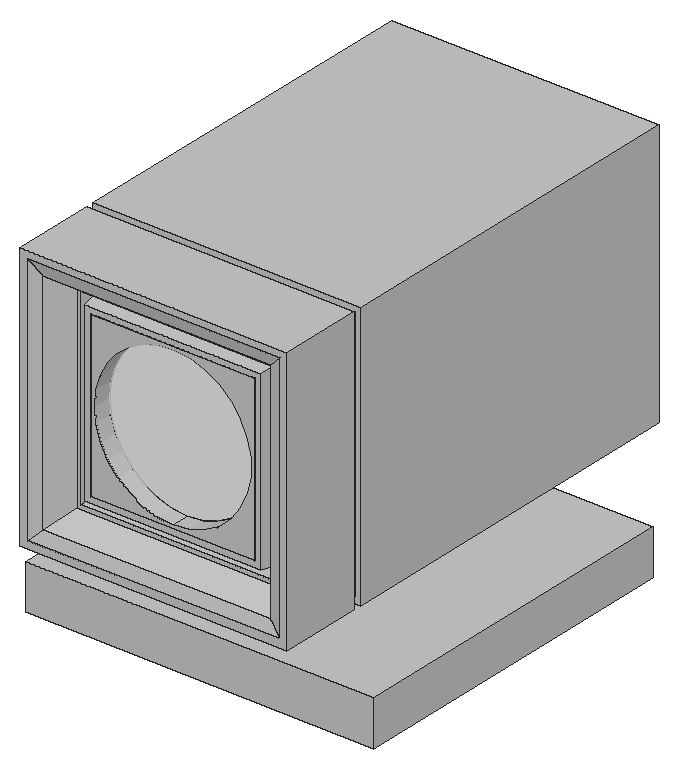
Revit family "CLighting-Luminii-Leto_44_WM_MID", category Lighting Fixtures, host Face, Revit 2020
Family settings
  Host = Face
  Round Connector Dimension = Use Diameter
  Part Type = Normal
  OmniClass Number = 23.80.70.11.14.21
  OmniClass Title = Spots and Tracklight Specialties
  Cut with Voids When Loaded = No
  Light Source = Yes
  Shared = Yes
  Room Calculation Point = No
Parameters (values of type "Leto 44 WM MID")
  Width = 0' - 3 189/256"  # constant formula
  Wattage Comments = "6.5W"
  Wattage = 6.49954 W
  Warranty URL = "https://www.luminii.com/terms-conditions/"
  built-in parameter 1150110 = 1 (stored number, unit not read)
  Voltage Comments = "120V | 277V | 347V"  # constant formula
  Voltage = 120 V
  Version = "2020 - v1.0a"  # constant formula
  URL = "https://www.luminii.com/"
  built-in parameter 1114217 = 1 (stored number, unit not read)
  Tilt Angle = 0.00°  # constant formula
  built-in parameter 1150109 = 1 (stored number, unit not read)
  built-in parameter 1150134 = (empty or 0)
  built-in parameter 1150113 = 1 (stored number, unit not read)
  Support Phone = "224-699-9545"  # constant formula
  Support Email = "mailto:support@bimsmith.com"
  Product Page URL = "https://www.luminii.com/product/leto-44-wm-mid/"
  Power Source Type = "Driver"  # constant formula
  Power Factor = 1
  Photometric Web File = "718-A90-615-35-07-00.ies"
  Phase = 1
  Operating Temperature = "Consult Manufacturer Website for more Information"  # constant formula
  Number of Poles = if(and(or(Voltage = 120 V, Voltage = 277 V), Phase = 1), 1, if(and(or(Voltage = 208 V, Voltage = 240 V), Phase = 1), 2, if(and(or(Voltage = 208 V, Voltage = 240 V), Phase = 3), 3, if(and(Voltage > 300 V, Phase = 1), 2, if(and(Voltage > 400 V, Phase = 3), 3, 1)))))  # 1
  Mounting Method = "Wall Mount"  # constant formula
  Model = "718"  # constant formula
  Manufacturer Phone Number = "403-216-7043"  # constant formula
  Manufacturer Email = "mailto: info@sensolighting.com"
  Manufacturer Address = "302 50 Ave SE. Calgary, Alberta, T2G 2A9 Canada"  # constant formula
  Manufacturer = "Luminii"  # constant formula
  built-in parameter 1150105 = 55.704 (stored number, unit not read)
  Lumens = 700 lm
  Luminaire Type = "Wall Mount LED Light"  # constant formula
  built-in parameter 1150115 = 1 (stored number, unit not read)
  Load Classification = Lighting
  built-in parameter 1150137 = (empty or 0)
  built-in parameter 1150139 = (empty or 0)
  Lens Material = Plastic - Luminii - Frosted Lens
  Length [instance] = 0' - 6 1/2"  # constant formula
  built-in parameter 1150112 = 1 (stored number, unit not read)
  built-in parameter 1150114 = 1 (stored number, unit not read)
  Lamp Life = 1
  Lamp = "LED"  # constant formula
  Keynote = "26 50 00"
  built-in parameter 1150132 = 2
  built-in parameter 1150102 = (empty or 0)
  built-in parameter 1150107 = 3500 (stored number, unit not read)
  Initial Color Comments = "Perfomance based on 3500K Photometric Web File"  # constant formula
  built-in parameter 1150138 = (empty or 0)
  built-in parameter 1150106 = 0.55704 (stored number, unit not read)
  Housing Protection Rating = "Consult Manufacturer Website for more Information"  # constant formula
  Has Dimming = 1 = 1  # yes
  Has Battery Backup = 0 = 1  # no
  Frequency Comments = ""  # constant formula
  Frequency = 60 Hz
  Finish = Metal - Luminii - Silver Anodized Aluminum
  Environment = "Indoor"  # constant formula
  built-in parameter 1150104 = 10.006 (stored number, unit not read)
  Dimming Type = "Consult Manufacturer Website for more Information"  # constant formula
  Dimming Lamp Color Temperature Shift = <None>
  Description = "Square wall sconce"  # constant formula
  Depth = 0' - 3 189/256"  # constant formula
  Default Elevation = 0' - 0"  # constant formula
  Current Amps = 50 A
  Copyright = "©2023 Luminii"  # constant formula
  Control Zone = "Consult Manufacturer Website for more Information"  # constant formula
  Control Type = "Consult Manufacturer Website for more Information"  # constant formula
  Constraints = 1  # constant formula
  Color Filter = 16777215
  built-in parameter 1114216 [instance] = 0  # (empty or 0)
  built-in parameter 1140040 [instance] = 1 = 1  # 1
  CCT = "3500K"
  built-in parameter 1114218 = 1 (stored number, unit not read)
  built-in parameter 1150133 = 10 (stored number, unit not read)
  Assembly Code = "D5020230"
  Apparent Load = Wattage / Power Factor  # 6.49954 VA
Reference planes (in)
  plane 1 "Center (Front/Back)": y = 0
  plane 2: z = 0
  plane 3 "Center (Left/Right)": x = 0
  plane 4: x = 2.44094
  plane 5: x = -2.44094
  plane 6: y = 3.24803
  plane 7: y = -3.24803
  plane 8: z = 3.25
Forms (in)
  Extrusion 1, solid, material "Metal - Luminii - Silver Anodized Aluminum", not visible
    sketch origin (0, 0, 0) x (1, 0, 0) y (0, 1, 0)
      loop
        circle (0, 0) r 0.5
    from 0 to -0.17225
Dimensions and locks (in)
  equal spacing: plane 5, plane 3 "Center (Left/Right)", plane 4
  equal spacing: plane 6, plane 1 "Center (Front/Back)", plane 7
  aligned and locked: plane 2 to host face
  aligned and locked: plane 3 "Center (Left/Right)" to Extrusion 1 sketch curve
  aligned and locked: plane 1 "Center (Front/Back)" to Extrusion 1 sketch curve
  aligned and locked: plane 2 to Extrusion 1  (x2)
  aligned and locked: imposter light to plane 3 "Center (Left/Right)"
  aligned and locked: imposter light to plane 8
Automatic sketch dimensions
  host sketch curve to host sketch curve = 8' - 0"  (x2)
  radius of Extrusion 1 sketch curve = 0' - 0 1/2"
Nested families (in)
  nested 1: "Nested - Lamp" at (0, 0, 0), type "Nested - Lamp"
Connectors (in)
  electrical at (0, 0, 0), driven by "Number of Poles", driven by "Load Classification", driven by "Voltage", driven by "Apparent Load", driven by "Power Factor"
    settings: on Extrusion 1, index 1, voltage 120 V, apparent load 6.49954 VA, apparent load phase1 0 VA, apparent load phase2 0 VA, apparent load phase3 0 VA, power factor 1, load classification "Lighting", number of poles 1, system type 30, power factor state 1, is connector primary yes, connector utility no, sub classification motor no, connector description "Power Connection"
Definition of nested family "Nested - Lamp"
  Parameters (values of type "Nested - Lamp")
    Width = 0' - 5.57087"  # constant formula
    Screen Material = none
    Inner Screen = none
    Height = 0' - 6.49606"  # constant formula
    Finish = none
    Default Elevation = 4' - 0"
    Constraint = 3
  Reference planes (in)
    plane 1 "Center (Front/Back)": y = 0
    plane 2: z = 0
    plane 3 "Center (Left/Right)": x = 0
  Forms (in)
    Extrusion 1, solid
      sketch origin (0, 0, 0) x (1, 0, 0) y (0, 1, 0)
        loop
          line (-48, 48) -> (-48, -48) -> (48, -48) -> (48, 48) -> (-48, 48)
      from 0 to -12
    Sweep 2, solid, material <- "Finish", detail levels medium+fine
      path origin (-0.03362, -2.16535, 5.58071) x (0, 0, 1) y (-1, 0, 0)
        loop
          line (-0.46063, -1.9037) -> (-0.46063, 1.83645) -> (-4.20079, 1.83645) -> (-4.20079, -1.9037) -> (-0.46063, -1.9037)
      profile origin (1.87008, -2.16535, 3.25) x (0, -1, 0) y (1, 0, 0)
        loop
          line (-5.41339, 0) -> (-5.41339, -0.07874) -> (-5.21654, -0.07874) -> (-5.21654, -0.21654) -> (-0.05132, -0.21654) -> (-0.05132, -0.72029) -> (0.74409, -0.72029) -> (0.74409, -0.63719) -> (0.48228, -0.60039)
          arc (0.48228, -0.60039) -> (0.45861, -0.57657) -> (0.47779, -0.54899) r 0.02623
          line (0.47779, -0.54899) -> (0.68898, -0.53051) -> (0.68898, -0.47327) -> (1.03143, -0.27656) -> (1.08268, -0.10635) -> (1.08268, 0) -> (-0.07874, 0) -> (-0.07874, -0.07874) -> (-0.19685, -0.07874) -> (-0.19685, 0) -> (-5.41339, 0)
    Extrusion 3, solid, material <- "Screen Material"
      sketch origin (0, -3.27886, 4.33071) x (1, 0, 0) y (0, 0, 1)
        loop
          circle (0, -1.08071) r 1.10236
      from -0.63122 to -0.62137
    Extrusion 4, solid, material <- "Finish"
      sketch origin (1.59205, -2.39173, 5.92276) x (0, 0, -1) y (1, 0, 0)
        loop
          line (3.82255, -0.44226) -> (1.52297, -0.44226) -> (1.52297, -2.74184) -> (3.82255, -2.74184) -> (3.82255, -0.44226)
        loop
          circle (2.67276, -1.59205) r 1.10236
      from -0.12232 to 0.51772
    Extrusion 5, solid, material <- "Finish"
      sketch origin (1.59205, -3.90681, 5.92276) x (0, 0, -1) y (1, 0, 0)
        loop
          circle (2.67276, -1.59205) r 1.10236
      from -1.25917 to -1.79277
    Extrusion 6, solid, material <- "Finish", detail levels medium+fine
      sketch origin (-0.03362, -2.6324, 5.11766) x (0, 0, 1) y (-1, 0, 0)
        loop
          line (-0.07632, -1.82496) -> (-0.07632, 1.75771) -> (-3.659, 1.75771) -> (-3.659, -1.82496) -> (-0.07632, -1.82496)
        loop
          line (-1.27711, -0.30922) -> (-0.68656, -0.30922)
          arc (-0.68656, -0.30922) -> (-0.41097, -0.03362) -> (-0.68656, 0.24197) r 0.27559
          line (-0.68656, 0.24197) -> (-1.27711, 0.24197)
          arc (-1.27711, 0.24197) -> (-1.49982, 0.33422) -> (-1.59207, 0.55693) r 0.31496
          line (-1.59207, 0.55693) -> (-1.59207, 1.14748)
          arc (-1.59207, 1.14748) -> (-1.86766, 1.42307) -> (-2.14325, 1.14748) r 0.27559
          line (-2.14325, 1.14748) -> (-2.14325, 0.55693)
          arc (-2.14325, 0.55693) -> (-2.2355, 0.33422) -> (-2.45821, 0.24197) r 0.31496
          line (-2.45821, 0.24197) -> (-3.04876, 0.24197)
          arc (-3.04876, 0.24197) -> (-3.32435, -0.03362) -> (-3.04876, -0.30922) r 0.27559
          line (-3.04876, -0.30922) -> (-2.45821, -0.30922)
          arc (-2.45821, -0.30922) -> (-2.2355, -0.40147) -> (-2.14325, -0.62418) r 0.31496
          line (-2.14325, -0.62418) -> (-2.14325, -1.21473)
          arc (-2.14325, -1.21473) -> (-1.86766, -1.49032) -> (-1.59207, -1.21473) r 0.27559
          line (-1.59207, -1.21473) -> (-1.59207, -0.62418)
          arc (-1.59207, -0.62418) -> (-1.49982, -0.40147) -> (-1.27711, -0.30922) r 0.31496
      from -5.75828 to -5.68358
    Extrusion 7, solid, material <- "Finish", detail levels medium+fine
      sketch origin (-0.03362, -2.6324, 5.11766) x (0, 0, 1) y (-1, 0, 0)
        loop
          line (-0.07632, -1.82496) -> (-0.07632, 1.75771) -> (-3.659, 1.75771) -> (-3.659, -1.82496) -> (-0.07632, -1.82496)
        loop
          circle (-1.86766, -0.03362) r 0.87104
        loop
          circle (-1.86766, -0.03362) r 0.71409
      from -5.36862 to -5.30882
    Sweep 8, solid, material <- "Finish", detail levels coarse
      path origin (-0.03362, -2.16535, 5.58071) x (0, 0, 1) y (-1, 0, 0)
        loop
          line (-0.46063, -1.9037) -> (-0.46063, 1.83645) -> (-4.20079, 1.83645) -> (-4.20079, -1.9037) -> (-0.46063, -1.9037)
      profile origin (1.87008, -2.16535, 3.25) x (0, -1, 0) y (1, 0, 0)
        loop
          line (-5.41339, 0) -> (-5.41339, -0.07874) -> (-5.21654, -0.07874) -> (-5.21654, -0.21654) -> (-0.05132, -0.21654) -> (-0.05132, -0.72029) -> (0.74409, -0.72029) -> (0.74409, -0.44161) -> (1.03143, -0.27656) -> (1.08268, -0.10635) -> (1.08268, 0) -> (-5.41339, 0)
    Extrusion 9, solid, material <- "Finish"
      sketch origin (-0.03362, 1.25, 6.49606) x (0, 1, 0) y (-1, 0, 0)
        loop
          line (1.19094, 2.40732) -> (-3.69094, 2.40732) -> (-3.69094, -2.47457) -> (1.19094, -2.47457) -> (1.19094, 2.40732)
      from -6.49606 to -5.86614
    Extrusion 10, solid, material <- "Finish"
      sketch origin (-0.03362, 1.25, 6.49606) x (0, 1, 0) y (-1, 0, 0)
        loop
          line (-0.38386, -0.89977) -> (-0.38386, 0.83252) -> (-2.11614, 0.83252) -> (-2.11614, -0.89977) -> (-0.38386, -0.89977)
      from -5.11614 to -5.86614
    Extrusion 11, solid, material <- "Finish", detail levels coarse
      sketch origin (-0.03362, -2.6324, 5.11766) x (0, 0, 1) y (-1, 0, 0)
        loop
          line (-0.07632, -1.82496) -> (-0.07632, 1.75771) -> (-3.659, 1.75771) -> (-3.659, -1.82496) -> (-0.07632, -1.82496)
      from -5.75828 to -5.68358
  Dimensions and locks (in)
    aligned and locked: plane 2 to Extrusion 1
    aligned and locked: level to Extrusion 1
